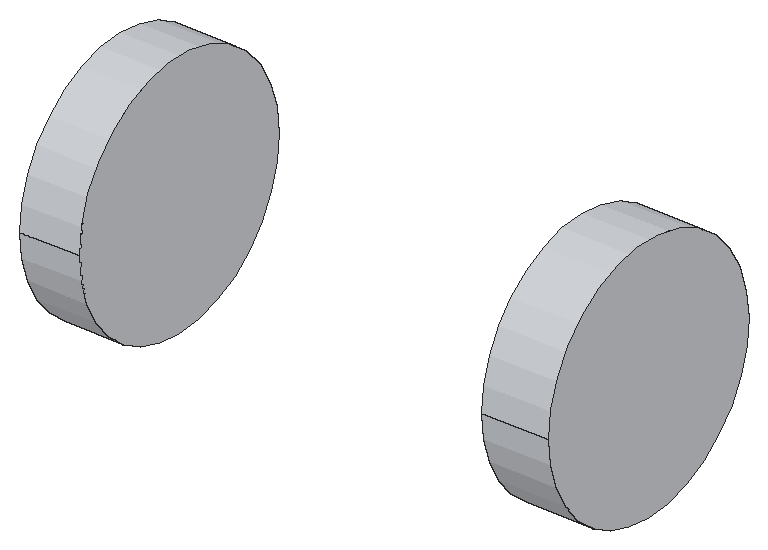
Revit family "ACM 125", category Mechanical Equipment, Revit 2013
Parameters (values of type "ACM 125")
  Width = "178mm"
  Weight = "1.8kg"
  Warranty period = "Unit 2 Years"
  Spigot Diameter = "122mm"
  Spigot Depth = "n/a"
  Product Description = "ACM 125"
  Part Number = "17105010"
  Operational and Maintenance Manual = "http://www.vent-axia.com/files/pdf-downloads/439305.pdf"
  Operating Temperature = "(-5C to +40C)"
  Operating Humidity = "n/a"
  Motor Rating = "30 Watts (max)"
  Manufacturer - Website = "www.vent-axia.com"
  Manufacturer - Name = "Vent-Axia Ltd"
  Manufacturer - Email = "sales@vent-axia.com"
  Manufacturer - Contact Phone = "0844 856 0590"
  Manufacturer - Address = "Fleming Way, Crawley, West Sussex RH10 9YX"
  IP Rating = "IP44"
  Height = "220mm\r\n220mm"
  Grille Depth = "n/a"
  Depth = "259mm"
  Country of Manufacture = "UK"
  Category = "ACM"
  AC Voltage Input = "220-240 V AC (single phase)"
  AC Frequency Input = "50Hz nominal"
Reference planes
  plane 1 "Center (Front/Back)": y = 0
  plane 2: z = 0
  plane 3 "Center (Left/Right)": x = 0
  plane 4: x = 129.5
  plane 5: x = -129.5
  plane 6: y = 89
  plane 7: y = -89
  plane 8: z = 122.5
  plane 9: z = -105
  plane 10: y = 61
  plane 11: y = -60.875
Forms (mm)
  Extrusion 1, solid
    sketch origin (0, 0, 0) x (0, 1, 0) y (0, 0, 1)
      loop
        circle (0, 0) r 61
    from 96.703 to 129.5
  Extrusion 2, solid
    sketch origin (-230, 0, 0) x (0, 1, 0) y (0, 0, 1)
      loop
        circle (0, 0) r 61
    from 100.5 to 129.5
  Extrusion 3, solid, detail levels coarse+medium
    sketch origin (2.619, -6.558, 0) x (1, 0, 0) y (0, 1, 0)
      loop
        line (-147.619, 71.666) -> (-147.619, -82.622) -> (135.498, -82.622) -> (135.498, 71.666) -> (-147.619, 71.666)
    from -111.805 to 130
Dimensions and locks
  plane 7 to plane 6 = 178 mm
  plane 5 to plane 4 = 259 mm
  plane 8 to plane 9 = 227.5 mm
  plane 11 to plane 10 = 121.875 mm
Connectors
  hvac at (129.5, 0.355, 0.625)
    settings: on import instance, index 1, duct flow 0.0 L/s, flow factor 0, pres drop 0.0 Pa, loss coef 0, conn angle 0.00°, conn width 304.8 mm, conn height 304.8 mm, conn radius 61 mm, duct sys type 2, conn prof type 0, flow config 0, flow direction 2, loss method 0, conn ref index -1, conn util no, is conn primary yes, conn desc ""
  hvac at (-129.5, 0.355, 0.625)
    settings: on import instance, index 2, duct flow 0.0 L/s, flow factor 0, pres drop 0.0 Pa, loss coef 0, conn angle 0.00°, conn width 304.8 mm, conn height 304.8 mm, conn radius 61 mm, duct sys type 2, conn prof type 0, flow config 0, flow direction 2, loss method 0, conn ref index -1, conn util no, is conn primary no, conn desc ""
